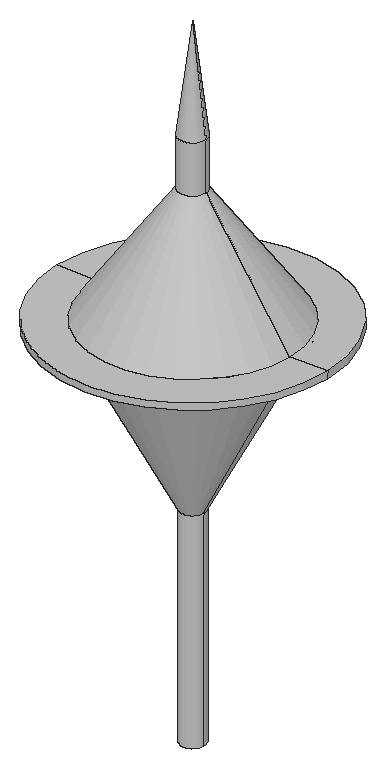
Revit family "FA_АктивныйМолниеприемник_FOREND S_91888-2_EZETEK", category Системы пожарной сигнализации, Revit 2017
Family settings
  Сохранять ориентацию аннотаций = Нет
  Размер круглого соединителя = Использовать радиус
  Тип детали = Нормальный
  На основе рабочей плоскости = Нет
  Всегда вертикально = Да
  При загрузке вырезать с полостями = Нет
  Общий = Да
  Точка расчета площади = Нет
Parameters (values of type "АктивныйМолниеприемник_FOREND S_91888-2")
  Производитель_Контакты = "ezetek@ezetek.ru"  # constant formula
  Описание = "Активный молниеприемник FOREND S состоит из четырех частей: принимающий наконечник из высокопрочной стали, ионный генератор, атмосферные электроды и соединительный стержень. Ионный генератор помещен в особое эпоксидное вещество. Благодаря этому он защищен от атмосферного воздействия и неблагоприятных погодных условий. Трубка из нержавеющей стали с внешней резьбой М18 предназначена для установки молниеприемника на мачту.\r\n\r\nМолниеприемник и все металлические объекты на кровле должны быть соединены с заземляющим устройством. Модульно-штыревое заземление для активной молниезащиты просто в исполнении - нет необходимости монтировать контур заземления вокруг здания. Степень защиты молниеприемника – IP 65, диапазон рабочих температур - от -40 °С до +120 °С. Радиус зоны защиты активного молниеприемника FOREND S зависит от высоты установки молниеприемника и категории молниезащиты объекта."  # constant formula
  Использовать масштаб аннотаций [instance] = 1 = 0  # 0
  Изготовитель = "Ezetek"  # constant formula
  Группа модели = "Активная молниезащита"  # constant formula
  URL = "https://ezetek.ru/"
  ADSK_Этаж [instance] = ""
  ADSK_Примечание [instance] = ""
  ADSK_Позиция [instance] = ""
  ADSK_Обозначение = "91888-2"
  ADSK_Наименование краткое [instance] = "Активный молниеприемник"
  ADSK_Наименование = "Активный молниеприемник FOREND S"
  ADSK_Материал = BIMLIB_Сталь_Нержавеющая_EZETEK
  ADSK_Масса_Текст = "2.2"  # constant formula
  ADSK_Масса = 2.2  # constant formula
  ADSK_Марка = "91888-2"
  ADSK_Количество = 1  # constant formula
  ADSK_Код изделия = "91888-2"
  ADSK_Завод-изготовитель = "Ezetek"  # constant formula
  ADSK_Единица измерения = "шт."  # constant formula
  ADSK_Группирование [instance] = ""
  ADSK_Версия Revit = "2017"  # constant formula
Reference planes
  plane 1 "По центру (Вперед/Назад)": y = 0
  plane 2: z = 0
  plane 3 "По центру (Влево/Вправо)": x = 0
  plane 4: y = 173.437
  plane 5: y = -173.437
  plane 6: x = -104.812
  plane 7: x = 104.812
  plane 8: z = 500
Forms (mm)
  Extrusion 1, solid, material "BIMLIB_Сталь_Нержавеющая_EZETEK" <- "ADSK_Материал", detail levels medium+fine
    sketch origin (0, 0, 0) x (1, 0, 0) y (0, 1, 0)
      loop
        circle (0, 0) r 9
    from 161.522 to 0
  Revolve 2, solid, material "BIMLIB_Сталь_Нержавеющая_EZETEK" <- "ADSK_Материал", detail levels medium+fine
    sketch origin (0, 0, 0) x (1, 0, 0) y (0, 0, 1)
      loop
        line (0, 383.756) -> (0, 500) -> (-10, 420.49) -> (-10, 383.756) -> (0, 383.756)
      axis (0, 500) -> (0, 383.756)
    angle from 0 to 360
  Revolve 3, solid, material "BIMLIB_Сталь_Нержавеющая_EZETEK" <- "ADSK_Материал", detail levels medium+fine
    sketch origin (0, 0, 0) x (1, 0, 0) y (0, 0, 1)
      loop
        line (0, 383.756) -> (-10, 383.756) -> (-75.622, 293.435) -> (-104.812, 293.435) -> (-104.812, 288.435) -> (-75.717, 288.435) -> (-9, 161.522) -> (0, 161.522) -> (0, 383.756)
      axis (0, 383.756) -> (0, 161.522)
    angle from 0 to 360
Dimensions and locks
  equal spacing: plane 5, plane 1 "По центру (Вперед/Назад)", plane 4
  locked: plane 4 to plane 5 at 346.875
  equal spacing: plane 7, plane 3 "По центру (Влево/Вправо)", plane 6
  locked: plane 7 to plane 6 at 209.625
  locked: plane 8 to plane 2 at 500
  aligned and locked: level to plane 2
  aligned and locked: Extrusion 1 to plane 2
  aligned and locked: Revolve 2 sketch curve to plane 3 "По центру (Влево/Вправо)"  (x2)
Automatic sketch dimensions
  plane 1 "По центру (Вперед/Назад)" to Extrusion 1 sketch curve = 0 mm
  Extrusion 1 sketch curve to plane 3 "По центру (Влево/Вправо)" = 0 mm
  Revolve 3 sketch curve to plane 6 = 0 mm
  Revolve 3 sketch curve to plane 3 "По центру (Влево/Вправо)" = 0 mm  (x2)
  Revolve 3 sketch curve to plane 3 "По центру (Влево/Вправо)" = 10 mm
  Revolve 3 sketch curve to plane 3 "По центру (Влево/Вправо)" = 9 mm
  level to Revolve 3 sketch curve = 161.522 mm
  Revolve 3 sketch curve to Revolve 3 sketch curve = 126.913 mm
  Revolve 3 sketch curve to Revolve 3 sketch curve = 5 mm
  Revolve 3 sketch curve to plane 8 = 116.244 mm
  plane 6 to Revolve 3 sketch curve = 29.095 mm
  Revolve 3 sketch curve to Revolve 3 sketch curve = 0.095 mm
  Revolve 3 sketch curve to Revolve 3 sketch curve = 0 mm  (x2)
  Revolve 2 sketch curve to plane 3 "По центру (Влево/Вправо)" = 0 mm
  Revolve 2 sketch curve to plane 8 = 0 mm  (x2)
  Revolve 2 sketch curve to plane 3 "По центру (Влево/Вправо)" = 10 mm
  Revolve 2 sketch curve to Revolve 2 sketch curve = 116.244 mm
  Revolve 2 sketch curve to Revolve 2 sketch curve = 36.734 mm
  Revolve 2 sketch curve to Revolve 2 sketch curve = 16.244 mm
  radius of Extrusion 1 sketch curve = 9 mm
